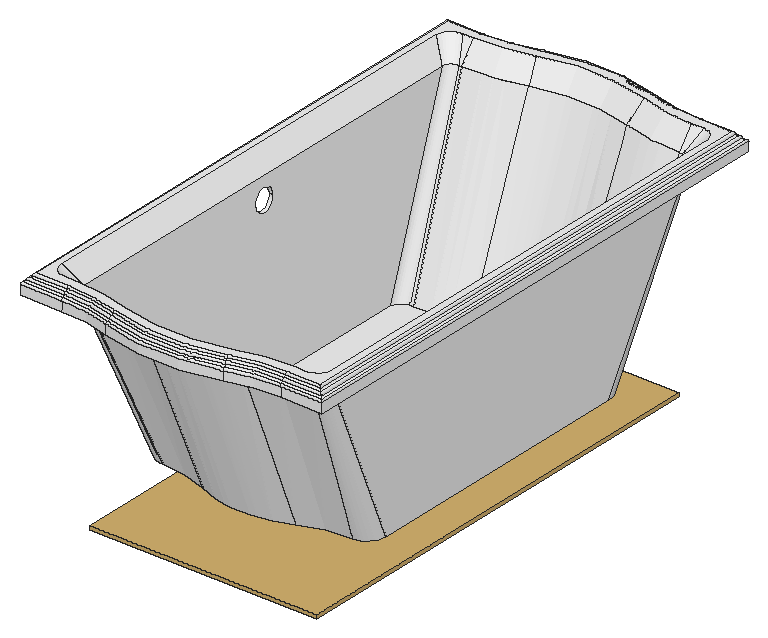
Revit family "bm-00147_abr781s", category Plumbing Fixtures, host Face, Revit 2016
Family settings
  Host = Face
  Part Type = Normal
  Round Connector Dimension = Use Radius
  OmniClass Number = 23.45.05.14.21
  OmniClass Title = Bathtubs
  Cut with Voids When Loaded = No
  Shared = No
  Room Calculation Point = No
Parameters (values of type "ABR781S")
  ecoScorecard_data = " "
  ecoScorecard Product Page = "  "
  Width = 32"
  Waste Connection Radius = Waste Connection NPT / 2  # 1"
  Waste Connection NPT = 2"
  Waste Connection = yes
  Warranty URL = "http://www.totousa.com/warranty-registration"
  Warranty = "1 Year Limited Warranty on acrylic tub; 1 Year Limited Warranty on components and parts"
  WFU = 0
  Voltage = 120 V
  Vent Connection = yes
  URL = "http://www.totousa.com"
  Toto BIM Number = "BM-00147"  # constant formula
  Subcategory = "Bathtubs"  # constant formula
  Style = "Traditional"  # constant formula
  Spec Sheet URL = "http://assets.totousa.com/product-files/SS-01032_ABR781.pdf"
  Shipping Weight = 130.00 lbf
  Series = "Clayton"  # constant formula
  Product Page URL = " "
  Phase = 1
  Parts Manual URL = "http://assets.totousa.com/product-files/PD-00811_REMOTE_AIRBATHS.pdf"
  Owners Manual URL = "http://assets.totousa.com/product-files/0GU5054_AIRBATH_OM.pdf"
  Number of Poles = 1
  Model = "ABA781L"  # constant formula
  Manufacturer Toll Free Phone = "1-888-295-8134"  # constant formula
  Manufacturer Phone = "(770) 282-8686 "  # constant formula
  Manufacturer Fax = "(770) 282-0002"  # constant formula
  Manufacturer Email = "mailto:custservice@totousa.com "
  Manufacturer Address = "1155 Southern Road, Morrow, Georgia 30260"  # constant formula
  Manufacturer = "TOTO USA, Inc."  # constant formula
  Installation URL = "http://assets.totousa.com/product-files/0GU5034_AIRBATH_BATHTUB_IM.pdf"
  Industry Standards = "1800 VA"
  Height = 2 3/4"
  HWFU = 0
  HW Connection = no
  Full Load Amps = 15 A
  Frequency = 60 Hz
  Finish = Metal - TOTO - Chrome - Polished
  Description = "Air Bathtub"  # constant formula
  Depth = 60"
  Default Elevation = 0"
  Cost Info = "mailto:custservice@totousa.com "
  Color Availability = "#01  Cotton, #12  Sedona Beige"
  CWFU = 0
  CW Connection = no
  CAD Drawing URL = "http://assets.totousa.com/product-files/AD-00125_ABR781S.dxf"
  Bottom Plate = Metal - TOTO - LifeKoat - Brass - Polished
  Blower Motor Power = 746 W
  Assembly Code = "D2010510"
  95 CSI = "15410"
  04 CSI = "22 41 19"
Reference planes (in)
  plane 1 "Center (Front/Back)": y = 0
  plane 2: z = 0
  plane 3 "Center (Left/Right)": x = 0
Dimensions and locks (in)
  aligned and locked: plane 2 to host face
  aligned and locked: level to host face
  aligned: plane 1 "Center (Front/Back)" to nested 1
  aligned: nested 1 to plane 3 "Center (Left/Right)"
  aligned and locked: plane 3 "Center (Left/Right)" to nested 1
  aligned and locked: plane 1 "Center (Front/Back)" to nested 1
Nested families (in)
  nested 1: "ABA781L" at (0, 0, 0), type "ABA781L"
Connectors (in)
  piping at (-7.49606, 0, 3.74803), diameter 2, driven by "Waste Connection Radius"
    settings: on nested 1, index 1, connector inside diameter 2", connector length 0", flow factor 0, pipe flow 0 GPM, pressure drop 0.00 psi, fitting loss kfactor 0, connector angle 0.00°, fixture units 0, engagement length 0", angle of deflection 0.00°, flow configuration 3, flow direction 2, fitting loss method 0, system type 16, joint type 0, gender type 0, connector reference index -1, connector utility 0, adjustable connector no, is connector primary yes, connector description "Waste Outlet Connection"
  electrical at (0, 0, 0.37402), driven by "Voltage"
    settings: on nested 1, index 2, voltage 120 V, apparent load 0 VA, apparent load phase1 0 VA, apparent load phase2 0 VA, apparent load phase3 0 VA, power factor 1, load classification "Other", number of poles 1, system type 30, power factor state 1, is connector primary yes, connector utility no, sub classification motor no, connector description "Power Connection"
Definition of nested family "ABA781L"
  Parameters
    ecoScorecard_data = ""
    ecoScorecard Product Page = ""
    Waste Connection Radius = Waste Connection NPT / 2  # 1"
    Waste Connection NPT = 2"
    Waste Connection = yes
    WFU = 0
    Voltage = 120 V
    Vent Connection = yes
    URL = "http://www.totousa.com"
    Toto Version = "V.01"  # constant formula
    Toto BIM Number = "BM-00147"  # constant formula
    Subcategory = "Baths"  # constant formula
    Shipping Weight = 130.00 lbf
    Series = "Clayton"  # constant formula
    Product URL = "http://www.totousa.com/Default.aspx?TabId=75&ProductId=021ba69c-b9ae-4ba0-939c-d43d994efaf4&SearchId=cb51bcaf-c1a5-4d88-a905-b6045901f0f8&PTab=0&STab=0"
    Phase = 1
    Number of Poles = 1
    Nominal Width = 32"  # constant formula
    Nominal Length = 60.00787"  # constant formula
    Nominal Height = 24.74803"  # constant formula
    Model = "ABA781L"  # constant formula
    Manufacturer = "TOTO USA, Inc."  # constant formula
    HWFU = 0
    HW Connection = no
    Full Load Amps = 15 A
    Frequency = 60 Hz
    Finish = none
    Description = "Air Bathtub"
    Default Elevation = 0"
    CWFU = 0
    CW Connection = no
    CADworks URL = "http://www.CADworks.net"
    Bottom Plate = none
    Blower Motor Power = 745.7 VA
    Assembly Code = "D2010510"
    Apparent Power = Voltage * Full Load Amps  # 1800 VA
  Reference planes (in)
    plane 1 "Center (Front/Back)": y = 0
    plane 2: z = 0
    plane 3 "Center (Left/Right)": x = 0
    plane 4: z = 24.74803
    plane 5: z = 22.74803
    plane 6: z = 3.74803
    plane 7: z = 3.29921
    plane 8: x = -16
    plane 9 "Wall Closure": y = -30.00394
    plane 10: y = 30.00394
    plane 11: x = 16
    plane 12: z = 0.37402
    plane 13: z = 4.14173
    plane 14: z = 20.49606
    plane 15: x = -7.49606
  Forms (in)
    Extrusion 1, solid
      sketch origin (0, 0, 0) x (1, 0, 0) y (0, 1, 0)
        loop
          line (-48, 48) -> (-48, -48) -> (48, -48) -> (48, 48) -> (-48, 48)
      from 0 to -12
    Extrusion 2, solid, material <- "Bottom Plate", detail levels fine
      sketch origin (0, 0, 0) x (1, 0, 0) y (0, 1, 0)
        loop
          line (-12, 24) -> (-12, -24) -> (12, -24) -> (12, 24) -> (-12, 24)
      from 0 to 0.37402
    Extrusion 3, solid, material <- "Finish", detail levels medium+fine
      sketch origin (0, 0, 0.37402) x (1, 0, 0) y (0, 1, 0)
        loop
          line (-6.37402, 12) -> (-6.37402, 8.5) -> (-2.87402, 8.5) -> (-2.87402, 12) -> (-6.37402, 12)
        loop
          line (6.37402, 12) -> (2.87402, 12) -> (2.87402, 8.5) -> (6.37402, 8.5) -> (6.37402, 12)
        loop
          line (-6.37402, -12) -> (-2.87402, -12) -> (-2.87402, -8.5) -> (-6.37402, -8.5) -> (-6.37402, -12)
        loop
          line (6.37402, -12) -> (6.37402, -8.5) -> (2.87402, -8.5) -> (2.87402, -12) -> (6.37402, -12)
      from -0.37402 to 2.9252
    Blend 4, solid, material <- "Finish", detail levels medium+fine
      base sketch origin (0, 51.10032, 3.29921) x (0, 1, 0) y (-1, 0, 0)
        loop
          arc (-38.10968, -6.93701) -> (-37.08457, 0) -> (-38.10968, 6.93701) r 23.98425
          line (-38.10968, 6.93701) -> (-49.29272, 6.93701)
          arc (-49.29272, 6.93701) -> (-51.10032, 6.14961) -> (-52.90792, 6.93701) r 2.4685
          line (-52.90792, 6.93701) -> (-64.09096, 6.93701)
          arc (-64.09096, 6.93701) -> (-65.11607, 0) -> (-64.09096, -6.93701) r 23.98425
          line (-64.09096, -6.93701) -> (-38.10968, -6.93701)
      top sketch origin (0, 51.10032, 3.29921) x (0, 1, 0) y (-1, 0, 0)
        loop
          arc (-64.81768, 7.93701) -> (-66.11213, 0) -> (-64.81768, -7.93701) r 24.98031
          line (-64.81768, -7.93701) -> (-37.38296, -7.93701)
          arc (-37.38296, -7.93701) -> (-36.08851, 0) -> (-37.38296, 7.93701) r 24.98031
          line (-37.38296, 7.93701) -> (-48.72764, 7.93701)
          arc (-48.72764, 7.93701) -> (-51.10032, 6.14961) -> (-53.473, 7.93701) r 2.4685
          line (-53.473, 7.93701) -> (-64.81768, 7.93701)
      from 0 to 0.44882
    Blend 5, solid, material <- "Finish", detail levels medium+fine
      base sketch origin (0, 51.10032, 3.74803) x (0, 1, 0) y (-1, 0, 0)
        loop
          line (-36.2815, 12) -> (-65.91913, 12)
          arc (-65.91913, 12) -> (-67.30227, 11.43219) -> (-67.88748, 10.05633) r 1.9685
          arc (-67.88748, 10.05633) -> (-68.19248, 7.43368) -> (-69.02829, 4.92913) r 12.81996
          arc (-69.02829, 4.92913) -> (-70.09245, 0) -> (-69.02829, -4.92913) r 11.94788
          arc (-69.02829, -4.92913) -> (-68.19248, -7.43368) -> (-67.88748, -10.05633) r 12.81996
          arc (-67.88748, -10.05633) -> (-67.30227, -11.43219) -> (-65.91913, -12) r 1.9685
          line (-65.91913, -12) -> (-36.2815, -12)
          arc (-36.2815, -12) -> (-34.89837, -11.43219) -> (-34.31316, -10.05633) r 1.9685
          arc (-34.31316, -10.05633) -> (-34.00816, -7.43368) -> (-33.17235, -4.92913) r 12.81996
          arc (-33.17235, -4.92913) -> (-32.10819, 0) -> (-33.17235, 4.92913) r 11.94788
          arc (-33.17235, 4.92913) -> (-34.00816, 7.43368) -> (-34.31316, 10.05633) r 12.81996
          arc (-34.31316, 10.05633) -> (-34.89837, 11.43219) -> (-36.2815, 12) r 1.9685
      top sketch origin (0, 51.10032, 3.74803) x (0, 1, 0) y (-1, 0, 0)
        loop
          line (-27.33559, 13.29134) -> (-74.8618, 13.29134)
          arc (-74.8618, 13.29134) -> (-75.7094, 12.93278) -> (-76.04237, 12.07479) r 1.1811
          arc (-76.04237, 12.07479) -> (-76.22351, 8.5904) -> (-76.97077, 5.18225) r 21.31137
          arc (-76.97077, 5.18225) -> (-77.75503, -0.05641) -> (-76.96459, -5.29414) r 17.81833
          arc (-76.96459, -5.29414) -> (-76.22012, -8.65016) -> (-76.02451, -12.08219) r 21.32665
          arc (-76.02451, -12.08219) -> (-75.68877, -12.93543) -> (-74.84374, -13.29134) r 1.1811
          line (-74.84374, -13.29134) -> (-27.36153, -13.29134)
          arc (-27.36153, -13.29134) -> (-26.51676, -12.93569) -> (-26.18074, -12.08292) r 1.1811
          arc (-26.18074, -12.08292) -> (-25.98291, -8.65033) -> (-25.23605, -5.29414) r 21.32665
          arc (-25.23605, -5.29414) -> (-24.44201, -0.05085) -> (-25.22626, 5.19392) r 17.81833
          arc (-25.22626, 5.19392) -> (-25.97279, 8.59658) -> (-26.155, 12.07541) r 21.31137
          arc (-26.155, 12.07541) -> (-26.4882, 12.933) -> (-27.33559, 13.29134) r 1.1811
      from 0 to 19
    Extrusion 6, solid, material <- "Finish", detail levels medium+fine
      sketch origin (0, 51.10032, 22.74803) x (0, 1, 0) y (-1, 0, 0)
        loop
          line (-22.84835, -16) -> (-22.84835, -11.58268)
          arc (-22.84835, -11.58268) -> (-22.64559, -8.88894) -> (-22.04186, -6.25591) r 17.99463
          arc (-22.04186, -6.25591) -> (-21.09638, 0) -> (-22.04186, 6.25591) r 21.16929
          arc (-22.04186, 6.25591) -> (-22.64559, 8.88894) -> (-22.84835, 11.58268) r 17.99463
          line (-22.84835, 11.58268) -> (-22.84835, 16) -> (-79.35229, 16) -> (-79.35229, 11.58268)
          arc (-79.35229, 11.58268) -> (-79.55505, 8.88894) -> (-80.15878, 6.25591) r 17.99463
          arc (-80.15878, 6.25591) -> (-81.10426, 0) -> (-80.15878, -6.25591) r 21.16929
          arc (-80.15878, -6.25591) -> (-79.55505, -8.88894) -> (-79.35229, -11.58268) r 17.99463
          line (-79.35229, -11.58268) -> (-79.35229, -16) -> (-22.84835, -16)
      from 0 to 2
    Sweep 7, void
      path origin (0, 51.10032, 24.74803) x (0, 1, 0) y (-1, 0, 0)
        loop
          line (-79.35229, -16) -> (-22.84835, -16) -> (-22.84835, -11.58268)
          arc (-22.84835, -11.58268) -> (-22.64559, -8.88894) -> (-22.04186, -6.25591) r 17.99463
          arc (-22.04186, -6.25591) -> (-21.09638, 0) -> (-22.04186, 6.25591) r 21.16929
          arc (-22.04186, 6.25591) -> (-22.64559, 8.88894) -> (-22.84835, 11.58268) r 17.99463
          line (-22.84835, 11.58268) -> (-22.84835, 16) -> (-79.35229, 16) -> (-79.35229, 11.58268)
          arc (-79.35229, 11.58268) -> (-79.55505, 8.88894) -> (-80.15878, 6.25591) r 17.99463
          arc (-80.15878, 6.25591) -> (-81.10426, 0) -> (-80.15878, -6.25591) r 21.16929
          arc (-80.15878, -6.25591) -> (-79.55505, -8.88894) -> (-79.35229, -11.58268) r 17.99463
          line (-79.35229, -11.58268) -> (-79.35229, -16)
      profile origin (16, 0, 24.74803) x (-1, 0, 0) y (0, 0, 1)
        loop
          line (0.94842, 0) -> (0, 0) -> (0, -0.98845)
          arc (0, -0.98845) -> (0.05509, -0.85146) -> (0.18968, -0.79076) r 0.19786
          arc (0.18968, -0.79076) -> (0.32428, -0.73006) -> (0.37937, -0.59307) r 0.19786
          arc (0.37937, -0.59307) -> (0.43446, -0.45608) -> (0.56905, -0.39538) r 0.19786
          arc (0.56905, -0.39538) -> (0.70365, -0.33468) -> (0.75874, -0.19769) r 0.19786
          arc (0.75874, -0.19769) -> (0.81383, -0.0607) -> (0.94842, 0) r 0.19786
    Blend 8, void
      base sketch origin (0, 51.10032, 22.74803) x (-1, 0, 0) y (0, -1, 0)
        loop
          arc (12.88583, 74.80898) -> (12.59755, 75.50495) -> (11.90157, 75.79323) r 0.98425
          line (11.90157, 75.79323) -> (11.58268, 75.79323)
          arc (11.58268, 75.79323) -> (8.36171, 76.03526) -> (5.21308, 76.75591) r 21.55368
          arc (5.21308, 76.75591) -> (0, 77.5452) -> (-5.21308, 76.75591) r 17.61024
          arc (-5.21308, 76.75591) -> (-8.36171, 76.03526) -> (-11.58268, 75.79323) r 21.55368
          line (-11.58268, 75.79323) -> (-11.90157, 75.79323)
          arc (-11.90157, 75.79323) -> (-12.59755, 75.50495) -> (-12.88583, 74.80898) r 0.98425
          line (-12.88583, 74.80898) -> (-12.88583, 27.39166)
          arc (-12.88583, 27.39166) -> (-12.59755, 26.69569) -> (-11.90157, 26.40741) r 0.98425
          line (-11.90157, 26.40741) -> (-11.58268, 26.40741)
          arc (-11.58268, 26.40741) -> (-8.36171, 26.16538) -> (-5.21308, 25.44473) r 21.55368
          arc (-5.21308, 25.44473) -> (0, 24.65544) -> (5.21308, 25.44473) r 17.61024
          arc (5.21308, 25.44473) -> (8.36171, 26.16538) -> (11.58268, 26.40741) r 21.55368
          line (11.58268, 26.40741) -> (11.90157, 26.40741)
          arc (11.90157, 26.40741) -> (12.59755, 26.69569) -> (12.88583, 27.39166) r 0.98425
          line (12.88583, 27.39166) -> (12.88583, 74.80898)
      top sketch origin (0, 51.10032, 22.74803) x (-1, 0, 0) y (0, -1, 0)
        loop
          arc (-14.35827, 26.3326) -> (-13.89702, 25.21905) -> (-12.78346, 24.7578) r 1.5748
          line (-12.78346, 24.7578) -> (-11.58268, 24.7578)
          arc (-11.58268, 24.7578) -> (-8.60843, 24.53433) -> (-5.70097, 23.86892) r 19.90408
          arc (-5.70097, 23.86892) -> (0, 23.00583) -> (5.70097, 23.86892) r 19.25984
          arc (5.70097, 23.86892) -> (8.60843, 24.53433) -> (11.58268, 24.7578) r 19.90408
          line (11.58268, 24.7578) -> (12.78346, 24.7578)
          arc (12.78346, 24.7578) -> (13.89702, 25.21905) -> (14.35827, 26.3326) r 1.5748
          line (14.35827, 26.3326) -> (14.35827, 75.86804)
          arc (14.35827, 75.86804) -> (13.89702, 76.98159) -> (12.78346, 77.44284) r 1.5748
          line (12.78346, 77.44284) -> (11.58268, 77.44284)
          arc (11.58268, 77.44284) -> (8.60843, 77.66631) -> (5.70097, 78.33172) r 19.90408
          arc (5.70097, 78.33172) -> (0, 79.19481) -> (-5.70097, 78.33172) r 19.25984
          arc (-5.70097, 78.33172) -> (-8.60843, 77.66631) -> (-11.58268, 77.44284) r 19.90408
          line (-11.58268, 77.44284) -> (-12.78346, 77.44284)
          arc (-12.78346, 77.44284) -> (-13.89702, 76.98159) -> (-14.35827, 75.86804) r 1.5748
          line (-14.35827, 75.86804) -> (-14.35827, 26.3326)
      from 0 to 2
    Blend 9, void
      base sketch origin (0, 51.10032, 4.14173) x (-1, 0, 0) y (0, -1, 0)
        loop
          arc (11.62992, 66.33633) -> (11.28398, 67.1715) -> (10.44882, 67.51743) r 1.1811
          line (10.44882, 67.51743) -> (10.05166, 67.51743)
          arc (10.05166, 67.51743) -> (7.34956, 67.81441) -> (4.77646, 68.69117) r 12.44118
          arc (4.77646, 68.69117) -> (0, 69.75394) -> (-4.77646, 68.69117) r 11.26492
          arc (-4.77646, 68.69117) -> (-7.34956, 67.81441) -> (-10.05166, 67.51743) r 12.44118
          line (-10.05166, 67.51743) -> (-10.44882, 67.51743)
          arc (-10.44882, 67.51743) -> (-11.28398, 67.1715) -> (-11.62992, 66.33633) r 1.1811
          line (-11.62992, 66.33633) -> (-11.62992, 35.86431)
          arc (-11.62992, 35.86431) -> (-11.28398, 35.02914) -> (-10.44882, 34.68321) r 1.1811
          line (-10.44882, 34.68321) -> (-10.05166, 34.68321)
          arc (-10.05166, 34.68321) -> (-7.34956, 34.38623) -> (-4.77646, 33.50947) r 12.44118
          arc (-4.77646, 33.50947) -> (0, 32.4467) -> (4.77646, 33.50947) r 11.26492
          arc (4.77646, 33.50947) -> (7.34956, 34.38623) -> (10.05166, 34.68321) r 12.44118
          line (10.05166, 34.68321) -> (10.44882, 34.68321)
          arc (10.44882, 34.68321) -> (11.28398, 35.02914) -> (11.62992, 35.86431) r 1.1811
          line (11.62992, 35.86431) -> (11.62992, 66.33633)
      top sketch origin (0, 51.10032, 4.14173) x (-1, 0, 0) y (0, -1, 0)
        loop
          arc (5.21308, 25.44473) -> (8.36171, 26.16538) -> (11.58268, 26.40741) r 21.55368
          line (11.58268, 26.40741) -> (11.90157, 26.40741)
          arc (11.90157, 26.40741) -> (12.59755, 26.69569) -> (12.88583, 27.39166) r 0.98425
          line (12.88583, 27.39166) -> (12.88583, 74.80898)
          arc (12.88583, 74.80898) -> (12.59755, 75.50495) -> (11.90157, 75.79323) r 0.98425
          line (11.90157, 75.79323) -> (11.58268, 75.79323)
          arc (11.58268, 75.79323) -> (8.36171, 76.03526) -> (5.21308, 76.75591) r 21.55368
          arc (5.21308, 76.75591) -> (0, 77.5452) -> (-5.21308, 76.75591) r 17.61024
          arc (-5.21308, 76.75591) -> (-8.36171, 76.03526) -> (-11.58268, 75.79323) r 21.55368
          line (-11.58268, 75.79323) -> (-11.90157, 75.79323)
          arc (-11.90157, 75.79323) -> (-12.59755, 75.50495) -> (-12.88583, 74.80898) r 0.98425
          line (-12.88583, 74.80898) -> (-12.88583, 27.39166)
          arc (-12.88583, 27.39166) -> (-12.59755, 26.69569) -> (-11.90157, 26.40741) r 0.98425
          line (-11.90157, 26.40741) -> (-11.58268, 26.40741)
          arc (-11.58268, 26.40741) -> (-8.36171, 26.16538) -> (-5.21308, 25.44473) r 21.55368
          arc (-5.21308, 25.44473) -> (0, 24.65544) -> (5.21308, 25.44473) r 17.61024
      from 0 to 18.6063
    Extrusion 10, void
      sketch origin (0, 0, 0) x (0, 1, 0) y (0, 0, 1)
        loop
          circle (0, 20.49606) r 1.18898
      from -16 to 0
    Extrusion 11, solid, material <- "Finish", detail levels medium+fine
      sketch origin (0, 51.10032, 4.14173) x (0, 1, 0) y (-1, 0, 0)
        loop
          line (-38.57578, 7.25197) -> (-48.57106, 7.25197)
          arc (-48.57106, 7.25197) -> (-48.96431, 7.16999) -> (-49.29205, 6.93773) r 0.98425
          arc (-49.29205, 6.93773) -> (-51.10032, 6.14961) -> (-52.90858, 6.93773) r 2.4685
          arc (-52.90858, 6.93773) -> (-53.23633, 7.16999) -> (-53.62958, 7.25197) r 0.98425
          line (-53.62958, 7.25197) -> (-63.62486, 7.25197)
          arc (-63.62486, 7.25197) -> (-64.2196, 7.05196) -> (-64.57263, 6.53321) r 0.98425
          arc (-64.57263, 6.53321) -> (-65.4704, 0) -> (-64.57263, -6.53321) r 24.22047
          arc (-64.57263, -6.53321) -> (-64.2196, -7.05196) -> (-63.62486, -7.25197) r 0.98425
          line (-63.62486, -7.25197) -> (-38.57578, -7.25197)
          arc (-38.57578, -7.25197) -> (-37.98103, -7.05196) -> (-37.62801, -6.53321) r 0.98425
          arc (-37.62801, -6.53321) -> (-36.73024, 0) -> (-37.62801, 6.53321) r 24.22047
          arc (-37.62801, 6.53321) -> (-37.98103, 7.05196) -> (-38.57578, 7.25197) r 0.98425
      from -0.05906 to 0.05906
    Extrusion 12, void
      sketch origin (0, 51.10032, 4.14173) x (-1, 0, 0) y (0, 1, 0)
        loop
          circle (7.49606, -51.10032) r 1
      from 0 to 0.84252
    Extrusion 13, solid, material <- "Finish", detail levels coarse
      sketch origin (0, 51.10032, 24.74803) x (0, 1, 0) y (-1, 0, 0)
        loop
          line (-22.84835, 11.58268) -> (-22.84835, 16) -> (-79.35229, 16) -> (-79.35229, 11.58268)
          arc (-79.35229, 11.58268) -> (-79.55505, 8.88894) -> (-80.15878, 6.25591) r 17.99463
          arc (-80.15878, 6.25591) -> (-81.10426, 0) -> (-80.15878, -6.25591) r 21.16929
          arc (-80.15878, -6.25591) -> (-79.55505, -8.88894) -> (-79.35229, -11.58268) r 17.99463
          line (-79.35229, -11.58268) -> (-79.35229, -16) -> (-22.84835, -16) -> (-22.84835, -11.58268)
          arc (-22.84835, -11.58268) -> (-22.64559, -8.88894) -> (-22.04186, -6.25591) r 17.99463
          arc (-22.04186, -6.25591) -> (-21.09638, 0) -> (-22.04186, 6.25591) r 21.16929
          arc (-22.04186, 6.25591) -> (-22.64559, 8.88894) -> (-22.84835, 11.58268) r 17.99463
      from -24.74803 to 0
  Cuts and joins
    Blend 8, Blend 9, Extrusion 10, Extrusion 12 cuts Blend 5
    Sweep 7, Blend 8, Blend 9, Extrusion 10, Extrusion 12 cuts Extrusion 6
    Extrusion 12 cuts Extrusion 11
    joined: Blend 5, Extrusion 6, Extrusion 11
  Lines and regions (in)
    symbolic lines
      curve 1: line (-11.58268, 28.25197, 24.74803) -> (-16, 28.25197, 24.74803)
      curve 2: arc (-6.25591, 29.05846, 24.74803) -> (-8.88894, 28.45473, 24.74803) -> (-11.58268, 28.25197, 24.74803) r 17.99463
      curve 3: arc (6.25591, 29.05846, 24.74803) -> (0, 30.00394, 24.74803) -> (-6.25591, 29.05846, 24.74803) r 21.16929
      curve 4: arc (11.58268, 28.25197, 24.74803) -> (8.88894, 28.45473, 24.74803) -> (6.25591, 29.05846, 24.74803) r 17.99463
      curve 5: line (16, 28.25197, 24.74803) -> (11.58268, 28.25197, 24.74803)
      curve 6: line (16, -28.25197, 24.74803) -> (16, 28.25197, 24.74803)
      curve 7: line (-16, 28.25197, 24.74803) -> (-16, -28.25197, 24.74803)
      curve 8: line (-16, -28.25197, 24.74803) -> (-11.58268, -28.25197, 24.74803)
      curve 9: arc (-11.58268, -28.25197, 24.74803) -> (-8.88894, -28.45473, 24.74803) -> (-6.25591, -29.05846, 24.74803) r 17.99463
      curve 10: arc (-6.25591, -29.05846, 24.74803) -> (0, -30.00394, 24.74803) -> (6.25591, -29.05846, 24.74803) r 21.16929
      curve 11: arc (6.25591, -29.05846, 24.74803) -> (8.88894, -28.45473, 24.74803) -> (11.58268, -28.25197, 24.74803) r 17.99463
      curve 12: line (11.58268, -28.25197, 24.74803) -> (16, -28.25197, 24.74803)
    symbolic lines, detail levels medium+fine
      curve 13: line (-11.58268, 27.30355, 24.74803) -> (-15.05158, 27.30355, 24.74803)
      curve 14: arc (-5.9754, 28.15247, 24.74803) -> (-8.74709, 27.51698, 24.74803) -> (-11.58268, 27.30355, 24.74803) r 18.94305
      curve 15: line (-15.05158, 27.30355, 24.74803) -> (-15.05158, -27.30355, 24.74803)
      curve 16: arc (5.9754, 28.15247, 24.74803) -> (0, 29.05551, 24.74803) -> (-5.9754, 28.15247, 24.74803) r 20.22087
      curve 17: arc (11.58268, 27.30355, 24.74803) -> (8.74709, 27.51698, 24.74803) -> (5.9754, 28.15247, 24.74803) r 18.94305
      curve 18: line (15.05158, 27.30355, 24.74803) -> (11.58268, 27.30355, 24.74803)
      curve 19: line (15.05158, -27.30355, 24.74803) -> (15.05158, 27.30355, 24.74803)
      curve 20: line (11.58268, -27.30355, 24.74803) -> (15.05158, -27.30355, 24.74803)
      curve 21: arc (5.9754, -28.15247, 24.74803) -> (8.74709, -27.51698, 24.74803) -> (11.58268, -27.30355, 24.74803) r 18.94305
      curve 22: arc (-5.9754, -28.15247, 24.74803) -> (0, -29.05551, 24.74803) -> (5.9754, -28.15247, 24.74803) r 20.22087
      curve 23: arc (-11.58268, -27.30355, 24.74803) -> (-8.74709, -27.51698, 24.74803) -> (-5.9754, -28.15247, 24.74803) r 18.94305
      curve 24: line (-15.05158, -27.30355, 24.74803) -> (-11.58268, -27.30355, 24.74803)
      curve 25: arc (-12.78346, -26.34252, 24.74803) -> (-13.89702, -25.88127, 24.74803) -> (-14.35827, -24.76772, 24.74803) r 1.5748
      curve 26: line (-11.58268, -26.34252, 24.74803) -> (-12.78346, -26.34252, 24.74803)
      curve 27: arc (-5.70097, -27.2314, 24.74803) -> (-8.60843, -26.56599, 24.74803) -> (-11.58268, -26.34252, 24.74803) r 19.90408
      curve 28: line (-11.58268, -24.69291, 24.74803) -> (-11.90157, -24.69291, 24.74803)
      curve 29: arc (-5.21308, -25.65559, 24.74803) -> (-8.36171, -24.93494, 24.74803) -> (-11.58268, -24.69291, 24.74803) r 21.55368
      curve 30: arc (-11.90157, -24.69291, 24.74803) -> (-12.59755, -24.40463, 24.74803) -> (-12.88583, -23.70866, 24.74803) r 0.98425
      curve 31: line (-14.35827, -24.76772, 24.74803) -> (-14.35827, 24.76772, 24.74803)
      curve 32: line (-12.88583, -23.70866, 24.74803) -> (-12.88583, 23.70866, 24.74803)
      curve 33: arc (5.21308, -25.65559, 24.74803) -> (0, -26.44488, 24.74803) -> (-5.21308, -25.65559, 24.74803) r 17.61024
      curve 34: arc (5.70097, -27.2314, 24.74803) -> (0, -28.09449, 24.74803) -> (-5.70097, -27.2314, 24.74803) r 19.25984
      curve 35: arc (11.58268, -24.69291, 24.74803) -> (8.36171, -24.93494, 24.74803) -> (5.21308, -25.65559, 24.74803) r 21.55368
      curve 36: arc (11.58268, -26.34252, 24.74803) -> (8.60843, -26.56599, 24.74803) -> (5.70097, -27.2314, 24.74803) r 19.90408
      curve 37: line (12.78346, -26.34252, 24.74803) -> (11.58268, -26.34252, 24.74803)
      curve 38: line (11.90157, -24.69291, 24.74803) -> (11.58268, -24.69291, 24.74803)
      curve 39: arc (12.88583, -23.70866, 24.74803) -> (12.59755, -24.40463, 24.74803) -> (11.90157, -24.69291, 24.74803) r 0.98425
      curve 40: arc (14.35827, -24.76772, 24.74803) -> (13.89702, -25.88127, 24.74803) -> (12.78346, -26.34252, 24.74803) r 1.5748
      curve 41: line (14.35827, 24.76772, 24.74803) -> (14.35827, -24.76772, 24.74803)
      curve 42: line (12.88583, 23.70866, 24.74803) -> (12.88583, -23.70866, 24.74803)
      curve 43: arc (4.77646, -17.59085, 24.74803) -> (7.34956, -16.71409, 24.74803) -> (10.05166, -16.41711, 24.74803) r 12.44118
      curve 44: line (10.05166, -16.41711, 24.74803) -> (10.44882, -16.41711, 24.74803)
      curve 45: arc (10.44882, -16.41711, 24.74803) -> (11.28398, -16.07118, 24.74803) -> (11.62992, -15.23601, 24.74803) r 1.1811
      curve 46: line (11.62992, -15.23601, 24.74803) -> (11.62992, 15.23601, 24.74803)
      curve 47: arc (-4.77646, -17.59085, 24.74803) -> (0, -18.65362, 24.74803) -> (4.77646, -17.59085, 24.74803) r 11.26492
      curve 48: arc (-6.53321, -13.47231, 24.74803) -> (0, -14.37008, 24.74803) -> (6.53321, -13.47231, 24.74803) r 24.22047
      curve 49: arc (6.53321, -13.47231, 24.74803) -> (7.05196, -13.11928, 24.74803) -> (7.25197, -12.52454, 24.74803) r 0.98425
      curve 50: arc (-7.25197, -12.52454, 24.74803) -> (-7.05196, -13.11928, 24.74803) -> (-6.53321, -13.47231, 24.74803) r 0.98425
      curve 51: line (-7.25197, -2.52926, 24.74803) -> (-7.25197, -12.52454, 24.74803)
      curve 52: arc (-10.05166, -16.41711, 24.74803) -> (-7.34956, -16.71409, 24.74803) -> (-4.77646, -17.59085, 24.74803) r 12.44118
      curve 53: line (-10.44882, -16.41711, 24.74803) -> (-10.05166, -16.41711, 24.74803)
      curve 54: arc (-11.62992, -15.23601, 24.74803) -> (-11.28398, -16.07118, 24.74803) -> (-10.44882, -16.41711, 24.74803) r 1.1811
      curve 55: line (-11.62992, 15.23601, 24.74803) -> (-11.62992, -15.23601, 24.74803)
      curve 56: line (7.25197, -12.52454, 24.74803) -> (7.25197, 12.52454, 24.74803)
      curve 57: arc (-6.93773, -1.80826, 24.74803) -> (-7.16999, -2.13601, 24.74803) -> (-7.25197, -2.52926, 24.74803) r 0.98425
      curve 58: arc (-6.93773, 1.80826, 24.74803) -> (-6.14961, 0, 24.74803) -> (-6.93773, -1.80826, 24.74803) r 2.4685
      curve 59: arc (-7.25197, 2.52926, 24.74803) -> (-7.16999, 2.13601, 24.74803) -> (-6.93773, 1.80826, 24.74803) r 0.98425
      curve 60: line (-7.25197, 12.52454, 24.74803) -> (-7.25197, 2.52926, 24.74803)
      curve 61: arc (-8.49606, 0, 24.74803) -> (-7.49606, 1, 24.74803) -> (-6.49606, 0, 24.74803) r 1
      curve 62: arc (-6.49606, 0, 24.74803) -> (-7.49606, -1, 24.74803) -> (-8.49606, 0, 24.74803) r 1
      curve 63: arc (-6.53321, 13.47231, 24.74803) -> (-7.05196, 13.11928, 24.74803) -> (-7.25197, 12.52454, 24.74803) r 0.98425
      curve 64: arc (6.53321, 13.47231, 24.74803) -> (0, 14.37008, 24.74803) -> (-6.53321, 13.47231, 24.74803) r 24.22047
      curve 65: arc (7.25197, 12.52454, 24.74803) -> (7.05196, 13.11928, 24.74803) -> (6.53321, 13.47231, 24.74803) r 0.98425
      curve 66: arc (11.62992, 15.23601, 24.74803) -> (11.28398, 16.07118, 24.74803) -> (10.44882, 16.41711, 24.74803) r 1.1811
      curve 67: line (10.44882, 16.41711, 24.74803) -> (10.05166, 16.41711, 24.74803)
      curve 68: arc (10.05166, 16.41711, 24.74803) -> (7.34956, 16.71409, 24.74803) -> (4.77646, 17.59085, 24.74803) r 12.44118
      curve 69: arc (4.77646, 17.59085, 24.74803) -> (0, 18.65362, 24.74803) -> (-4.77646, 17.59085, 24.74803) r 11.26492
      curve 70: arc (-4.77646, 17.59085, 24.74803) -> (-7.34956, 16.71409, 24.74803) -> (-10.05166, 16.41711, 24.74803) r 12.44118
      curve 71: arc (-10.44882, 16.41711, 24.74803) -> (-11.28398, 16.07118, 24.74803) -> (-11.62992, 15.23601, 24.74803) r 1.1811
      curve 72: line (-10.05166, 16.41711, 24.74803) -> (-10.44882, 16.41711, 24.74803)
      curve 73: arc (-12.88583, 23.70866, 24.74803) -> (-12.59755, 24.40463, 24.74803) -> (-11.90157, 24.69291, 24.74803) r 0.98425
      curve 74: line (-11.90157, 24.69291, 24.74803) -> (-11.58268, 24.69291, 24.74803)
      curve 75: arc (-11.58268, 24.69291, 24.74803) -> (-8.36171, 24.93494, 24.74803) -> (-5.21308, 25.65559, 24.74803) r 21.55368
      curve 76: arc (-5.21308, 25.65559, 24.74803) -> (0, 26.44488, 24.74803) -> (5.21308, 25.65559, 24.74803) r 17.61024
      curve 77: arc (5.21308, 25.65559, 24.74803) -> (8.36171, 24.93494, 24.74803) -> (11.58268, 24.69291, 24.74803) r 21.55368
      curve 78: line (11.58268, 24.69291, 24.74803) -> (11.90157, 24.69291, 24.74803)
      curve 79: arc (11.90157, 24.69291, 24.74803) -> (12.59755, 24.40463, 24.74803) -> (12.88583, 23.70866, 24.74803) r 0.98425
      curve 80: arc (12.78346, 26.34252, 24.74803) -> (13.89702, 25.88127, 24.74803) -> (14.35827, 24.76772, 24.74803) r 1.5748
      curve 81: line (11.58268, 26.34252, 24.74803) -> (12.78346, 26.34252, 24.74803)
      curve 82: arc (5.70097, 27.2314, 24.74803) -> (8.60843, 26.56599, 24.74803) -> (11.58268, 26.34252, 24.74803) r 19.90408
      curve 83: arc (-5.70097, 27.2314, 24.74803) -> (0, 28.09449, 24.74803) -> (5.70097, 27.2314, 24.74803) r 19.25984
      curve 84: arc (-11.58268, 26.34252, 24.74803) -> (-8.60843, 26.56599, 24.74803) -> (-5.70097, 27.2314, 24.74803) r 19.90408
      curve 85: line (-12.78346, 26.34252, 24.74803) -> (-11.58268, 26.34252, 24.74803)
      curve 86: arc (-14.35827, 24.76772, 24.74803) -> (-13.89702, 25.88127, 24.74803) -> (-12.78346, 26.34252, 24.74803) r 1.5748
      curve 87: line (-16, 28.25197, 24.74803) -> (-15.05158, 27.30355, 24.74803)
      curve 88: line (-15.61812, 27.87009, 24.74803) -> (-11.36812, 27.87009, 24.74803)
      curve 89: arc (-11.36812, 27.87009, 24.74803) -> (-9.06745, 28.03097, 24.74803) -> (-6.81155, 28.51048, 24.74803) r 16.53104
      curve 90: arc (-6.81155, 28.51048, 24.74803) -> (0.06345, 29.64113, 24.74803) -> (6.93845, 28.51048, 24.74803) r 21.46719
      curve 91: arc (6.93845, 28.51048, 24.74803) -> (9.0505, 28.00348, 24.74803) -> (11.2193, 27.88458, 24.74803) r 12.02864
      curve 92: line (11.2193, 27.88458, 24.74803) -> (15.62083, 27.88458, 24.74803)
      curve 93: line (16, 28.25197, 24.74803) -> (15.05158, 27.30355, 24.74803)
      curve 94: line (15.23875, 27.49072, 24.74803) -> (11.36351, 27.49072, 24.74803)
      curve 95: arc (11.36351, 27.49072, 24.74803) -> (9.3302, 27.61508, 24.74803) -> (7.32719, 27.98632, 24.74803) r 16.68441
      curve 96: arc (7.32719, 27.98632, 24.74803) -> (-0.04781, 29.24969, 24.74803) -> (-7.42281, 27.98632, 24.74803) r 22.15776
      curve 97: arc (-7.42281, 27.98632, 24.74803) -> (-9.36441, 27.63604, 24.74803) -> (-11.33307, 27.5062, 24.74803) r 17.52569
      curve 98: line (-11.33307, 27.5062, 24.74803) -> (-15.25423, 27.5062, 24.74803)
      curve 99: line (-15.61812, -27.87237, 24.74803) -> (-11.36763, -27.87237, 24.74803)
      curve 100: arc (-11.36763, -27.87237, 24.74803) -> (-8.96391, -28.04803, 24.74803) -> (-6.61126, -28.57129, 24.74803) r 16.53378
      curve 101: arc (-6.61126, -28.57129, 24.74803) -> (0.16836, -29.63434, 24.74803) -> (6.93698, -28.50335, 24.74803) r 21.4639
      curve 102: arc (6.93698, -28.50335, 24.74803) -> (9.04974, -27.99594, 24.74803) -> (11.2193, -27.87676, 24.74803) r 12.03254
      curve 103: line (11.2193, -27.87676, 24.74803) -> (15.62083, -27.87676, 24.74803)
      curve 104: line (15.23875, -27.48204, 24.74803) -> (11.3627, -27.48204, 24.74803)
      curve 105: arc (11.3627, -27.48204, 24.74803) -> (9.32964, -27.60634, 24.74803) -> (7.32686, -27.97739, 24.74803) r 16.68876
      curve 106: arc (7.32686, -27.97739, 24.74803) -> (-0.04711, -29.23953, 24.74803) -> (-7.4207, -27.97519, 24.74803) r 22.15271
      curve 107: arc (-7.4207, -27.97519, 24.74803) -> (-9.36333, -27.62453, 24.74803) -> (-11.33307, -27.49448, 24.74803) r 17.53153
      curve 108: line (-11.33307, -27.49448, 24.74803) -> (-15.24251, -27.49448, 24.74803)
      curve 109: line (15.62083, 27.88458, 24.74803) -> (15.62083, -27.87676, 24.74803)
      curve 110: line (15.23875, -27.48204, 24.74803) -> (15.23875, 27.49072, 24.74803)
      curve 111: line (-15.24251, 27.49448, 24.74803) -> (-15.24251, -27.49448, 24.74803)
      curve 112: line (-15.61812, -27.87237, 24.74803) -> (-15.61812, 27.87009, 24.74803)
      curve 113: spline (-12.73382, -1.1886, 24.74803) -> (-12.75458, -1.1487, 24.74803) -> (-12.77392, -1.03028, 24.74803) -> (-12.79054, -0.84145, 24.74803) -> (-12.8033, -0.5951, 24.74803) -> (-12.81132, -0.30808, 24.74803) -> (-12.81406, 0, 24.74803) -> (-12.81132, 0.30808, 24.74803) -> (-12.8033, 0.5951, 24.74803) -> (-12.79054, 0.84145, 24.74803) -> (-12.77392, 1.03028, 24.74803) -> (-12.75458, 1.1487, 24.74803) -> (-12.73382, 1.1886, 24.74803)
      curve 114: spline (-12.73382, 1.1886, 24.74803) -> (-12.71307, 1.1487, 24.74803) -> (-12.69372, 1.03028, 24.74803) -> (-12.6771, 0.84145, 24.74803) -> (-12.66434, 0.5951, 24.74803) -> (-12.65632, 0.30808, 24.74803) -> (-12.65359, 0, 24.74803) -> (-12.65632, -0.30808, 24.74803) -> (-12.66434, -0.5951, 24.74803) -> (-12.6771, -0.84145, 24.74803) -> (-12.69372, -1.03028, 24.74803) -> (-12.71307, -1.1487, 24.74803) -> (-12.73382, -1.1886, 24.74803)
      curve 115: line (-15.05158, -27.30355, 24.74803) -> (-16, -28.25197, 24.74803)
      curve 116: line (16, -28.25197, 24.74803) -> (15.05158, -27.30355, 24.74803)
      curve 121: line (15.05158, 0, 24.74803) -> (-15.05158, 0, 24.74803)
      curve 122: line (-16, 0, 22.74803) -> (16, 0, 22.74803)
      curve 123: spline (-15.2418, 0, 24.55421) -> (-15.23548, 0, 24.58257) -> (-15.22679, 0, 24.60966) -> (-15.21587, 0, 24.63508) -> (-15.20286, 0, 24.65846) -> (-15.18797, 0, 24.67947) -> (-15.17139, 0, 24.69779) -> (-15.15339, 0, 24.71316) -> (-15.13421, 0, 24.72536) -> (-15.11414, 0, 24.7342) -> (-15.09348, 0, 24.73957) -> (-15.07251, 0, 24.74137) -> (-15.05155, 0, 24.73959)
      curve 124: arc (-15.2418, 0, 24.55421) -> (-15.29685, 0, 24.41732) -> (-15.43135, 0, 24.35666) r 0.19772
      curve 125: arc (-15.43095, 0, 24.35265) -> (-15.56554, 0, 24.29195) -> (-15.62063, 0, 24.15496) r 0.19786
      curve 126: arc (-15.62063, 0, 24.15496) -> (-15.67572, 0, 24.01797) -> (-15.81032, 0, 23.95727) r 0.19786
      curve 127: arc (-15.81032, 0, 23.95727) -> (-15.94491, 0, 23.89657) -> (-16, 0, 23.75958) r 0.19786
      curve 128: line (-16, 0, 23.75958) -> (-16, 0, 22.74803)
      curve 129: arc (15.05158, 0, 24.74803) -> (15.18617, 0, 24.68733) -> (15.24126, 0, 24.55034) r 0.19786
      curve 130: arc (15.24126, 0, 24.55034) -> (15.29635, 0, 24.41335) -> (15.43095, 0, 24.35265) r 0.19786
      curve 131: arc (15.43095, 0, 24.35265) -> (15.56554, 0, 24.29195) -> (15.62063, 0, 24.15496) r 0.19786
      curve 132: arc (15.62063, 0, 24.15496) -> (15.67572, 0, 24.01797) -> (15.81032, 0, 23.95727) r 0.19786
      curve 133: arc (15.81032, 0, 23.95727) -> (15.94491, 0, 23.89657) -> (16, 0, 23.75958) r 0.19786
      curve 134: line (16, 0, 22.74803) -> (16, 0, 23.75958)
      curve 135: line (12, 0, 3.74803) -> (-12, 0, 3.74803)
      curve 136: line (12, 0, 3.74803) -> (13.29134, 0, 22.74803)
      curve 137: line (-12, 0, 3.74803) -> (-13.29134, 0, 22.74803)
      curve 138: line (-7.93701, 0, 3.74803) -> (-6.93701, 0, 3.29921)
      curve 139: line (-6.93701, 0, 3.29921) -> (6.93701, 0, 3.29921)
      curve 140: line (6.93701, 0, 3.29921) -> (7.93701, 0, 3.74803)
      curve 141: line (2.87402, 0, 3.29921) -> (2.87402, 0, 0.37402)
      curve 142: line (6.37402, 0, 3.29921) -> (6.37402, 0, 0.37402)
      curve 143: line (-2.87402, 0, 3.29921) -> (-2.87402, 0, 0.37402)
      curve 144: line (-6.37402, 0, 3.29921) -> (-6.37402, 0, 0.37402)
      curve 159: line (0, 29.05551, 24.74803) -> (0, -29.05551, 24.74803)
      curve 160: line (0, -30.00394, 22.74803) -> (0, 30.00394, 22.74803)
      curve 161: arc (0, 27.30355, 24.74803) -> (0, 27.43814, 24.68733) -> (0, 27.49323, 24.55034) r 0.19786
      curve 162: arc (0, 27.49323, 24.55034) -> (0, 27.54832, 24.41335) -> (0, 27.68291, 24.35265) r 0.19786
      curve 163: arc (0, 27.68291, 24.35265) -> (0, 27.81751, 24.29195) -> (0, 27.8726, 24.15496) r 0.19786
      curve 164: arc (0, 27.8726, 24.15496) -> (0, 27.92769, 24.01797) -> (0, 28.06228, 23.95727) r 0.19786
      curve 165: arc (0, 28.06228, 23.95727) -> (0, 28.19688, 23.89657) -> (0, 28.25197, 23.75958) r 0.19786
      curve 166: line (0, 28.25197, 22.74803) -> (0, 28.25197, 23.75958)
      curve 167: arc (0, 29.05551, 24.74803) -> (0, 29.19011, 24.68733) -> (0, 29.2452, 24.55034) r 0.19786
      curve 168: arc (0, 29.2452, 24.55034) -> (0, 29.30029, 24.41335) -> (0, 29.43488, 24.35265) r 0.19786
      curve 169: arc (0, 29.43488, 24.35265) -> (0, 29.56948, 24.29195) -> (0, 29.62457, 24.15496) r 0.19786
      curve 170: arc (0, 29.62457, 24.15496) -> (0, 29.67966, 24.01797) -> (0, 29.81425, 23.95727) r 0.19786
      curve 171: arc (0, 29.81425, 23.95727) -> (0, 29.94885, 23.89657) -> (0, 30.00394, 23.75958) r 0.19786
      curve 172: line (0, 30.00394, 22.74803) -> (0, 30.00394, 23.75958)
      curve 173: arc (0, -27.30355, 24.74803) -> (0, -27.43814, 24.68733) -> (0, -27.49323, 24.55034) r 0.19786
      curve 174: arc (0, -27.49323, 24.55034) -> (0, -27.54832, 24.41335) -> (0, -27.68291, 24.35265) r 0.19786
      curve 175: arc (0, -27.68291, 24.35265) -> (0, -27.81751, 24.29195) -> (0, -27.8726, 24.15496) r 0.19786
      curve 176: arc (0, -27.8726, 24.15496) -> (0, -27.92769, 24.01797) -> (0, -28.06228, 23.95727) r 0.19786
      curve 177: arc (0, -28.06228, 23.95727) -> (0, -28.19688, 23.89657) -> (0, -28.25197, 23.75958) r 0.19786
      curve 178: line (0, -28.25197, 22.74803) -> (0, -28.25197, 23.75958)
      curve 179: arc (0, -29.05551, 24.74803) -> (0, -29.19011, 24.68733) -> (0, -29.2452, 24.55034) r 0.19786
      curve 180: arc (0, -29.2452, 24.55034) -> (0, -29.30029, 24.41335) -> (0, -29.43488, 24.35265) r 0.19786
      curve 181: arc (0, -29.43488, 24.35265) -> (0, -29.56948, 24.29195) -> (0, -29.62457, 24.15496) r 0.19786
      curve 182: arc (0, -29.62457, 24.15496) -> (0, -29.67966, 24.01797) -> (0, -29.81425, 23.95727) r 0.19786
      curve 183: arc (0, -29.81425, 23.95727) -> (0, -29.94885, 23.89657) -> (0, -30.00394, 23.75958) r 0.19786
      curve 184: line (0, -30.00394, 22.74803) -> (0, -30.00394, 23.75958)
      curve 185: arc (0, 1.18898, 20.49606) -> (0, 0, 21.68504) -> (0, -1.18898, 20.49606) r 1.18898
      curve 186: arc (0, -1.18898, 20.49606) -> (0, 0, 19.30709) -> (0, 1.18898, 20.49606) r 1.18898
      curve 187: line (0, -18.99213, 3.74803) -> (0, 18.99213, 3.74803)
      curve 188: line (0, 18.99213, 3.74803) -> (0, 26.66862, 22.74803)
      curve 189: line (0, 24.69291, 22.74803) -> (0, 16.23357, 3.74803)
      curve 190: line (0, -24.69291, 22.74803) -> (0, -16.23357, 3.74803)
      curve 191: line (0, -18.99213, 3.74803) -> (0, -26.66862, 22.74803)
      curve 192: line (0, -14.01575, 3.29921) -> (0, 14.01575, 3.29921)
      curve 193: line (0, -12.99064, 3.29921) -> (0, -13.71736, 3.74803)
      curve 194: line (0, -2.37268, 3.74803) -> (0, -1.8076, 3.29921)
      curve 195: line (0, 1.8076, 3.29921) -> (0, 2.37268, 3.74803)
      curve 196: line (0, 12.99064, 3.29921) -> (0, 13.71736, 3.74803)
      curve 197: line (0, 14.01575, 3.29921) -> (0, 14.97824, 3.74803)
      curve 198: line (0, -14.01575, 3.29921) -> (0, -14.97824, 3.74803)
      curve 199: line (0, -12, 3.29921) -> (0, -12, 0.37402)
      curve 200: line (0, -8.5, 3.29921) -> (0, -8.5, 0.37402)
      curve 201: line (0, 8.5, 3.29921) -> (0, 8.5, 0.37402)
      curve 202: line (0, 12, 3.29921) -> (0, 12, 0.37402)
    symbolic lines, detail levels coarse
      curve 117: line (-16, 0, 24.74803) -> (16, 0, 24.74803)
      curve 118: line (-16, 0, 0) -> (-16, 0, 24.74803)
      curve 119: line (16, 0, 0) -> (-16, 0, 0)
      curve 120: line (16, 0, 24.74803) -> (16, 0, 0)
      curve 155: line (0, 30.00394, 24.74803) -> (0, -30.00394, 24.74803)
      curve 156: line (0, 30.00394, 0) -> (0, 30.00394, 24.74803)
      curve 157: line (0, -30.00394, 0) -> (0, 30.00394, 0)
      curve 158: line (0, -30.00394, 24.74803) -> (0, -30.00394, 0)
    symbolic lines, detail levels medium
      curve 145: line (-6.37402, 0, 0.37402) -> (-6.37402, 0, 0)
      curve 146: line (-6.37402, 0, 0) -> (-2.87402, 0, 0)
      curve 147: line (-2.87402, 0, 0) -> (-2.87402, 0, 0.37402)
      curve 148: line (2.87402, 0, 0.37402) -> (2.87402, 0, 0)
      curve 149: line (2.87402, 0, 0) -> (6.37402, 0, 0)
      curve 150: line (6.37402, 0, 0) -> (6.37402, 0, 0.37402)
      curve 203: line (0, 12, 0.37402) -> (0, 12, 0)
      curve 204: line (0, 12, 0) -> (0, 8.5, 0)
      curve 205: line (0, 8.5, 0) -> (0, 8.5, 0.37402)
      curve 206: line (0, -8.5, 0.37402) -> (0, -8.5, 0)
      curve 207: line (0, -8.5, 0) -> (0, -12, 0)
      curve 208: line (0, -12, 0) -> (0, -12, 0.37402)
    symbolic lines, detail levels fine
      curve 151: line (-12, 0, 0.37402) -> (12, 0, 0.37402)
      curve 152: line (-12, 0, 0) -> (-12, 0, 0.37402)
      curve 153: line (12, 0, 0) -> (-12, 0, 0)
      curve 154: line (12, 0, 0.37402) -> (12, 0, 0)
      curve 209: line (0, 24, 0.37402) -> (0, -24, 0.37402)
      curve 210: line (0, 24, 0) -> (0, 24, 0.37402)
      curve 211: line (0, -24, 0) -> (0, 24, 0)
      curve 212: line (0, -24, 0.37402) -> (0, -24, 0)
  Dimensions and locks (in)
    locked: Extrusion 2 sketch curve to Extrusion 2 sketch curve at 24
    equal spacing: Extrusion 2 sketch curve, plane 3 "Center (Left/Right)", Extrusion 2 sketch curve
    locked: Extrusion 2 sketch curve to Extrusion 2 sketch curve at 48
    equal spacing: Extrusion 2 sketch curve, plane 1 "Center (Front/Back)", Extrusion 2 sketch curve
    "Nominal Height": plane 4 to plane 2
    locked: plane 4 to plane 6 at 21
    locked: plane 4 to plane 5 at 2
    locked: plane 6 to plane 7 at 0.44882
    locked: Extrusion 3 sketch curve to Extrusion 3 sketch curve at 3.5  (x8)
    Extrusion 3 sketch curve to plane 3 "Center (Left/Right)" to Extrusion 3 sketch curve = 2.87402" locked, 2.87402" locked  (x2)
    Extrusion 3 sketch curve to plane 1 "Center (Front/Back)" to Extrusion 3 sketch curve = 8 1/2" locked, 8 1/2" locked  (x2)
    Blend 4 sketch curve to Blend 4 sketch curve to plane 1 "Center (Front/Back)" to Blend 4 sketch curve to Blend 4 sketch curve = 11.18304" locked, 1.8076" locked, 1.8076" locked, 11.18304" locked
    Blend 4 sketch curve to plane 1 "Center (Front/Back)" to Blend 4 sketch curve = 12.99064" locked, 12.99064" locked
    Blend 4 sketch curve to plane 3 "Center (Left/Right)" to Blend 4 sketch curve = 6.93701" locked, 6.93701" locked
    Blend 4 sketch curve to Blend 4 sketch curve to plane 1 "Center (Front/Back)" to Blend 4 sketch curve to Blend 4 sketch curve = 11.34468" locked, 2.37268" locked, 2.37268" locked, 11.34468" locked
    Blend 4 sketch curve to plane 1 "Center (Front/Back)" to Blend 4 sketch curve = 13.71736" locked, 13.71736" locked
    Blend 4 sketch curve to plane 3 "Center (Left/Right)" to Blend 4 sketch curve = 7.93701" locked, 7.93701" locked
    Blend 5 sketch curve to Blend 5 sketch curve to Blend 5 sketch curve to plane 3 "Center (Left/Right)" to Blend 5 sketch curve to Blend 5 sketch curve to Blend 5 sketch curve = 1.94367" locked, 5.12719" locked, 4.92913" locked, 4.92913" locked, 5.12719" locked, 1.94367" locked
    Blend 5 sketch curve to Blend 5 sketch curve to plane 3 "Center (Left/Right)" to Blend 5 sketch curve to Blend 5 sketch curve = 5.12719" locked, 4.92913" locked, 4.92913" locked, 5.12719" locked
    Blend 5 sketch curve to Blend 5 sketch curve to Blend 5 sketch curve to plane 1 "Center (Front/Back)" to Blend 5 sketch curve to Blend 5 sketch curve to Blend 5 sketch curve = 1.14081" locked, 1.96835" locked, 14.81882" locked, 14.81882" locked, 1.96835" locked, 1.14081" locked  (x2)
    Blend 5 sketch curve to plane 1 "Center (Front/Back)" to Blend 5 sketch curve = 18.99213" locked, 18.99213" locked
    "Nominal Width": plane 8 to plane 11
    equal spacing: plane 8, plane 3 "Center (Left/Right)", plane 11
    "Nominal Length": plane 10 to plane 9 "Wall Closure"
    equal spacing: plane 10, plane 1 "Center (Front/Back)", plane 9 "Wall Closure"
    Extrusion 6 sketch curve to Extrusion 6 sketch curve to plane 1 "Center (Front/Back)" to Extrusion 6 sketch curve to Extrusion 6 sketch curve = 0.80649" locked, 28.25197" locked, 28.25197" locked, 0.80649" locked  (x2)
    Extrusion 6 sketch curve to Extrusion 6 sketch curve to plane 3 "Center (Left/Right)" to Extrusion 6 sketch curve to Extrusion 6 sketch curve = 5.32677" locked, 6.25591" locked, 6.25591" locked, 5.32677" locked  (x2)
    locked: plane 12 to plane 2 at 0.37402
    locked: plane 13 to plane 6 at 0.3937
    Blend 8 sketch curve to Blend 8 sketch curve to Blend 8 sketch curve to plane 1 "Center (Front/Back)" to Blend 8 sketch curve to Blend 8 sketch curve to Blend 8 sketch curve = 0.96268" locked, 0.98425" locked, 23.70866" locked, 23.70866" locked, 0.98425" locked, 0.96268" locked  (x2)
    Blend 8 sketch curve to Blend 8 sketch curve to Blend 8 sketch curve to Blend 8 sketch curve to plane 3 "Center (Left/Right)" to Blend 8 sketch curve to Blend 8 sketch curve to Blend 8 sketch curve to Blend 8 sketch curve = 0.98425" locked, 0.3189" locked, 6.3696" locked, 5.21308" locked, 5.21308" locked, 6.3696" locked, 0.3189" locked, 0.98425" locked
    Blend 8 sketch curve to Blend 8 sketch curve to Blend 8 sketch curve to plane 3 "Center (Left/Right)" to Blend 8 sketch curve to Blend 8 sketch curve to Blend 8 sketch curve = 0.3189" locked, 6.3696" locked, 5.21308" locked, 5.21308" locked, 6.3696" locked, 0.3189" locked
    Blend 8 sketch curve to Blend 8 sketch curve to Blend 8 sketch curve to Blend 8 sketch curve to plane 3 "Center (Left/Right)" to Blend 8 sketch curve to Blend 8 sketch curve to Blend 8 sketch curve to Blend 8 sketch curve = 1.5748" locked, 1.20079" locked, 5.8817" locked, 5.70097" locked, 5.70097" locked, 5.8817" locked, 1.20079" locked, 1.5748" locked
    Blend 8 sketch curve to Blend 8 sketch curve to Blend 8 sketch curve to plane 3 "Center (Left/Right)" to Blend 8 sketch curve to Blend 8 sketch curve to Blend 8 sketch curve = 1.20079" locked, 5.8817" locked, 5.70097" locked, 5.70097" locked, 5.8817" locked, 1.20079" locked
    Blend 8 sketch curve to Blend 8 sketch curve to Blend 8 sketch curve to plane 1 "Center (Front/Back)" to Blend 8 sketch curve to Blend 8 sketch curve to Blend 8 sketch curve = 0.88888" locked, 1.5748" locked, 24.76772" locked, 24.76772" locked, 1.5748" locked, 0.88888" locked  (x2)
    Sweep 7 sketch curve to Sweep 7 sketch curve to plane 1 "Center (Front/Back)" to Sweep 7 sketch curve to Sweep 7 sketch curve = 0.80649" locked, 28.25197" locked, 28.25197" locked, 0.80649" locked  (x2)
    Sweep 7 sketch curve to Sweep 7 sketch curve to plane 3 "Center (Left/Right)" to Sweep 7 sketch curve to Sweep 7 sketch curve = 5.32677" locked, 6.25591" locked, 6.25591" locked, 5.32677" locked  (x2)
    profile plane to Sweep 7 sketch curve to Sweep 7 sketch curve to Sweep 7 sketch curve to Sweep 7 sketch curve to Sweep 7 sketch curve = 0.18968" locked, 0.18968" locked, 0.18968" locked, 0.18968" locked, 0.18968" locked
    plane 4 to Sweep 7 sketch curve to Sweep 7 sketch curve to Sweep 7 sketch curve to Sweep 7 sketch curve to Sweep 7 sketch curve = 0.19769" locked, 0.19769" locked, 0.19769" locked, 0.19769" locked, 0.19769" locked
    Blend 5 sketch curve to Blend 5 sketch curve to Blend 5 sketch curve to plane 1 "Center (Front/Back)" to Blend 5 sketch curve to Blend 5 sketch curve to Blend 5 sketch curve = 0.92841" locked, 1.18057" locked, 23.76148" locked, 23.76473" locked, 1.18059" locked, 0.92874" locked
    Blend 5 sketch curve to Blend 5 sketch curve to Blend 5 sketch curve to plane 1 "Center (Front/Back)" to Blend 5 sketch curve to Blend 5 sketch curve to Blend 5 sketch curve = 0.94007" locked, 1.18077" locked, 23.74343" locked, 23.73879" locked, 1.18079" locked, 0.94469" locked
    Blend 5 sketch curve to Blend 5 sketch curve to Blend 5 sketch curve to plane 3 "Center (Left/Right)" to Blend 5 sketch curve to Blend 5 sketch curve to Blend 5 sketch curve = 1.21593" locked, 6.88149" locked, 5.19392" locked, 5.29414" locked, 6.78878" locked, 1.20842" locked
    Blend 5 sketch curve to Blend 5 sketch curve to plane 3 "Center (Left/Right)" to Blend 5 sketch curve to Blend 5 sketch curve = 6.89254" locked, 5.18225" locked, 5.29414" locked, 6.78804" locked
    locked: plane 4 to plane 14 at 4.25197
    locked: Extrusion 10 sketch curve to plane 1 "Center (Front/Back)" at 0
    locked: Extrusion 10 sketch curve to plane 14 at 0
    Extrusion 11 to plane 13 to Extrusion 11 = 0.05906" locked, 0.05906" locked
    Extrusion 11 sketch curve to Extrusion 11 sketch curve to Extrusion 11 sketch curve to Extrusion 11 sketch curve to plane 1 "Center (Front/Back)" to Extrusion 11 sketch curve to Extrusion 11 sketch curve to Extrusion 11 sketch curve to Extrusion 11 sketch curve = 0.94777" locked, 9.99528" locked, 0.721" locked, 1.80826" locked, 1.80826" locked, 0.721" locked, 9.99528" locked, 0.94777" locked
    Extrusion 11 sketch curve to Extrusion 11 sketch curve to plane 1 "Center (Front/Back)" to Extrusion 11 sketch curve to Extrusion 11 sketch curve = 0.94777" locked, 12.52454" locked, 12.52454" locked, 0.94777" locked
    Extrusion 11 sketch curve to Extrusion 11 sketch curve to plane 3 "Center (Left/Right)" to Extrusion 11 sketch curve to Extrusion 11 sketch curve = 23/32" locked, 6.53321" locked, 6.53321" locked, 23/32" locked
    locked: Extrusion 11 sketch curve to Extrusion 11 sketch curve at 0.31424
    Extrusion 11 sketch curve to Extrusion 11 sketch curve to plane 3 "Center (Left/Right)" to Extrusion 11 sketch curve = 23/32" locked, 6.53321" locked, 6.53321" locked
    locked: Extrusion 12 sketch curve to plane 15 at 0
    locked: Extrusion 12 sketch curve to plane 1 "Center (Front/Back)" at 0
    locked: plane 8 to plane 15 at 8.50394
    radius of Blend 4 sketch curve = 23.98425"  (x2)
    radius of Blend 4 sketch curve = 24.98031"  (x2)
    radius of Blend 5 sketch curve = 1.9685"  (x4)
    radius of Blend 5 sketch curve = 12.81996"  (x4)
    radius of Blend 5 sketch curve = 11.94788"  (x2)
    radius of Extrusion 6 sketch curve = 17.99463"  (x4)
    radius of Extrusion 6 sketch curve = 21.16929"  (x2)
    radius of Blend 8 sketch curve = 17.61024"  (x2)
    radius of Blend 8 sketch curve = 21.55368"  (x4)
    radius of Blend 8 sketch curve = 0.98425"  (x4)
    radius of Blend 8 sketch curve = 19.25984"  (x2)
    radius of Blend 8 sketch curve = 19.90408"  (x4)
    radius of Blend 8 sketch curve = 1.5748"  (x4)
    radius of Sweep 7 sketch curve = 17.99463"  (x4)
    radius of Sweep 7 sketch curve = 21.16929"  (x2)
    radius of Sweep 7 sketch curve = 0.19786"  (x5)
    radius of Blend 5 sketch curve = 17.81833"  (x2)
    radius of Blend 5 sketch curve = 21.32665"  (x2)
    radius of Blend 5 sketch curve = 1.1811"  (x4)
    radius of Blend 5 sketch curve = 21.31137"  (x2)
    radius of Extrusion 10 sketch curve = 1.18898"
    radius of Extrusion 11 sketch curve = 24.22047"  (x2)
    radius of Extrusion 11 sketch curve = 0.98425"  (x6)
    radius of Extrusion 11 sketch curve = 2.4685"
    "Waste Connection Radius": radius of Extrusion 12 sketch curve
    radius of Blend 4 sketch curve = 2.4685"  (x2)
    aligned and locked: plane 2 to Extrusion 1
    aligned and locked: level to Extrusion 1
    aligned and locked: Extrusion 2 to plane 2
    aligned: Extrusion 3 to Extrusion 2
    aligned and locked: plane 7 to Extrusion 3
    aligned and locked: Blend 4 to plane 7
    aligned and locked: plane 6 to Blend 4
    aligned and locked: Blend 5 to plane 6
    aligned and locked: plane 5 to Blend 5
    aligned and locked: Extrusion 6 to plane 5
    aligned and locked: plane 4 to Extrusion 6
    aligned and locked: plane 8 to Extrusion 6 sketch curve
    aligned and locked: Extrusion 6 sketch curve to plane 11
    aligned and locked: Sweep 7 sketch curve to profile plane  (x2)
    aligned and locked: plane 4 to cut or joined group of Blend 5, Extrusion 6, Sweep 7, Blend 8, Blend 9, Extrusion 10, Extrusion 11, Extrusion 12
    aligned and locked: plane 12 to Extrusion 2
    aligned and locked: plane 8 to Sweep 7 sketch curve
    aligned and locked: plane 11 to Sweep 7 sketch curve
    aligned and locked: cut or joined group of Blend 5, Extrusion 6, Sweep 7, Blend 8, Blend 9, Extrusion 10, Extrusion 11, Extrusion 12 to plane 13
    aligned and locked: plane 5 to cut or joined group of Blend 5, Extrusion 6, Sweep 7, Blend 8, Blend 9, Extrusion 10, Extrusion 11, Extrusion 12
    aligned: plane 11 to cut or joined group of Blend 5, Extrusion 6, Sweep 7, Blend 8, Blend 9, Extrusion 10, Extrusion 11, Extrusion 12
    aligned: cut or joined group of Blend 5, Extrusion 6, Sweep 7, Blend 8, Blend 9, Extrusion 10, Extrusion 11, Extrusion 12 to plane 3 "Center (Left/Right)"
    aligned and locked: plane 13 to cut or joined group of Blend 5, Extrusion 6, Sweep 7, Blend 8, Blend 9, Extrusion 10, Extrusion 11, Extrusion 12
    aligned and locked: cut or joined group of Blend 5, Extrusion 6, Sweep 7, Blend 8, Blend 9, Extrusion 10, Extrusion 11, Extrusion 12 to plane 7
    aligned and locked: plane 8 to cut or joined group of Blend 5, Extrusion 6, Sweep 7, Blend 8, Blend 9, Extrusion 10, Extrusion 11, Extrusion 12
    aligned and locked: plane 3 "Center (Left/Right)" to cut or joined group of Blend 5, Extrusion 6, Sweep 7, Blend 8, Blend 9, Extrusion 10, Extrusion 11, Extrusion 12
    aligned and locked: Extrusion 3 to level
  Automatic sketch dimensions
    Extrusion 1 sketch curve to Extrusion 1 sketch curve = 96"  (x2)
    curve 117 to plane 4 = 0"
    plane 8 to curve 117 = 0"
    curve 128 to plane 5 = 0"
    plane 8 to curve 128 = 0"
    curve 121 to plane 4 = 0"
    curve 137 to plane 5 = 0"
    curve 152 to level = 0"
    curve 152 to plane 12 = 0"
    curve 137 to plane 6 = 0"
    curve 138 to plane 7 = 0"
    curve 144 to plane 12 = 0"
    curve 145 to level = 0"
    curve 146 to level = 0"
    curve 143 to plane 12 = 0"
    curve 149 to level = 0"
    curve 141 to plane 12 = 0"
    curve 150 to plane 12 = 0"
    curve 134 to plane 5 = 0"
    curve 134 to plane 11 = 0"
    curve 122 to plane 11 = 0"
    curve 126 to plane 8 = 0.18151"
    curve 126 to plane 8 = 0.18968"
    curve 127 to curve 126 = 0"
    curve 128 to curve 127 = 0.19786"
    curve 125 to curve 126 = 0"
    curve 124 to plane 4 = 0.19382"
    curve 126 to curve 124 = 0.18112"
    curve 124 to curve 124 = 0.00817"
    curve 124 to curve 125 = 0.0004"
    curve 125 to curve 125 = 0.00817"
    curve 124 to curve 123 = 0.19772"
    curve 124 to curve 123 = 0.16886"
    curve 123 to plane 4 = 0.00666"
    curve 123 to curve 123 = 0.00101"
    curve 123 to curve 121 = 0.02035"
    curve 123 to plane 4 = 0.00844"
    curve 123 to curve 137 = 1.7816"
    curve 118 to curve 152 = 4"
    curve 137 to curve 151 = 0"
    plane 15 to curve 138 = 0.44094"
    curve 138 to plane 15 = 0.55906"
    curve 138 to curve 144 = 0.56299"
    curve 146 to plane 3 "Center (Left/Right)" = 2.87402"
    plane 3 "Center (Left/Right)" to curve 148 = 2.87402"
    curve 141 to curve 150 = 3 1/2"
    curve 142 to curve 140 = 0.56299"
    curve 139 to curve 140 = 1"
